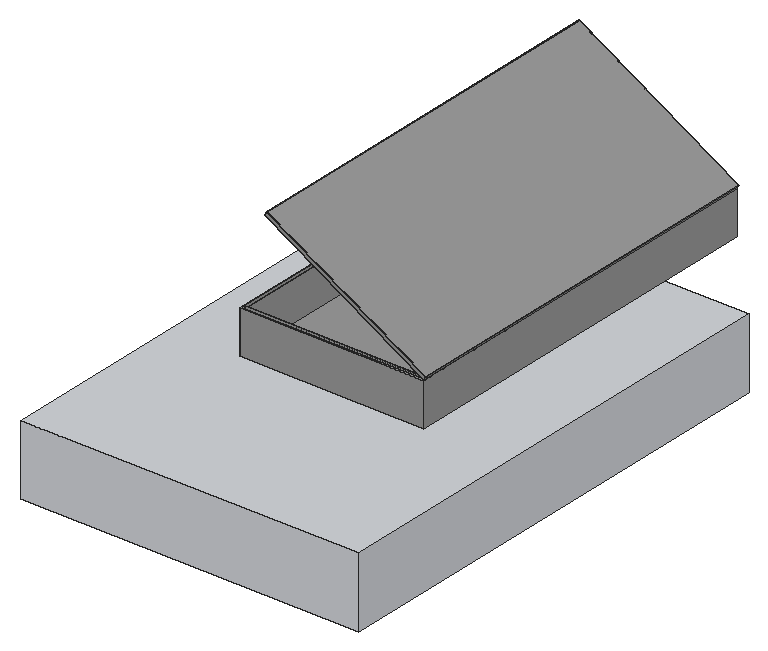
Revit family "Hager-Univers-IP54-D205-H1700-Cl.II-Encl-PT-pt", category Equipement électrique, Revit 2020
Family settings
  Hôte = Face
  Configuration du panneau = Deux colonnes, circuits au sein
  Cote de connecteur circulaire = Utiliser le diamètre
  Type d'élément = Tableau de raccordement
  Couper avec des vides une fois chargée = Non
  Partagée = Non
  Point de calcul de pièce = Non
Parameters (values of type "Montagem em superfície (gesso) IP54 L800 A1700 P205  - FP13SW2")
  Width Control [instance] = if([EF000008 - Largura] > Min Width, [EF000008 - Largura], Min Width)  # 800 mm
  Commentaires du type = [HG000003 - Gama]  # "Univers"
  Thickness Door [instance] = if([EF009171 - Espessura do material da porta/tampa] > 3 mm, 3 mm, [EF009171 - Espessura do material da porta/tampa])  # 1 mm
  Seal Frame Offset [instance] = 17 mm  # constant formula
  Plinth Visibility [instance] = [HG000027 - Altura da Plinta] > 0 mm  # no
  Model = ""
  Min Width [instance] = 100 mm  # constant formula
  Min Height [instance] = 100 mm  # constant formula
  Min Depth [instance] = (2 * [EF009170 - Espessura do material do invólucro]) + 1 mm  # 3 mm
  Internal Frame Depth [instance] = (Door System Depth * 0.5)  # 9 mm
  Height Control [instance] = if([EF000040 - Altura] > Min Height, [EF000040 - Altura], Min Height)  # 1700 mm
  HG000027 - Altura da Plinta = 0 mm
  HG000026 - Instalação no chão = no
  HG000024 - Altura da secção inferior = 800 mm
  HG000023 - Recinto de secção dupla = no
  HG000016 - Visibilidade da porta 3D [instance] = yes
  HG000015 - Visibilidade através da porta [instance] = no
  HG000014 - Porta à direita [instance] = yes
  HG000013 - Porta à esquerda [instance] = not([HG000014 - Porta à direita])  # no
  HG000012 - Ângulo de abertura de porta [instance] = 30.00°
  HG000010 - Portas assimétricas = no
  HG000009 - Porta dupla = no
  HG000006 - Encastrado = no
  HG000004 - Referência do Fabricante = "FP13SW2"
  HG000003 - Gama = "Univers"
  HG000002 - Com porta ou tampa = yes
  Frame Offset Bottom [instance] = 10 mm  # constant formula
  Frame Offset [instance] = 15 mm  # constant formula
  EF015940 - Tampa com libertação de sobrepressão = no
  EF011959 - Grau de proteção (NEMA) = ""
  EF009554 - Número de aberturas para placas de flange = 6
  Fabricant = "Hager"  # constant formula
  EF009212 - Tipo de tampa = "EV000116 - Fechado"
  EF009171 - Espessura do material da porta/tampa = 1 mm
  EF009170 - Espessura do material do invólucro = 1 mm
  EF008873 - Corrente nominal (In) = 400 A
  EF007800 - Adequado para proteção contra raios = no
  EF006306 - Com fecho = no
  EF006244 - Tampa/porta transparente = no
  EF005474 - Grau de proteção (IP) = "EV006419 - IP54"
  EF004464 - Tipo de porta = "EV002646 - Único"
  EF004427 - Número de módulos = 396
  EF004293 - Força de impacto = "EV006815 - IK09"
  EF003532 - Adequado para uso no exterior = no
  EF002950 - Largura em número de módulos = 36
  EF001613 - Integridade do circuito = "EV000494 - Nenhum"
  EF001596 - Material do corpo = "EV000179 - Aço"
  EF001131 - Profundidade interior = 143 mm
  EF001088 - Extensão possível = yes
  EF000437 - Número de entradas de condutores = 6
  EF000339 - Tipo de difusor = "EV001012 - Tampa"
  EF000266 - Número de linhas = 11
  EF000218 - Profundidade incorporada = 205 mm
  EF000118 - Com tampa de montagem = no
  EF000116 - Número RAL = "9010"
  EF000049 - Profundidade = 205 mm
  EF000040 - Altura = 1700 mm
  EF000008 - Largura = 800 mm
  EF000007 - Cor = "EV000202 - Branco"
  EF000003 - Método de montagem = "EV000384 - Montagem em superfície (gesso)"
  Door System Leaf Tolerance [instance] = 1.5 mm  # constant formula
  Door System Depth [instance] = 18 mm  # constant formula
  Door Height [instance] = Height Control - [HG000027 - Altura da Plinta]  # 1700 mm
  Depth Control [instance] = if([EF000049 - Profundidade] > Min Depth, [EF000049 - Profundidade], Min Depth)  # 205 mm
  Default Elevation = 0 mm
  Connector Offset [instance] = Height Control / 2  # 850 mm
  Bottom Top Plate Trim [instance] = 1.5 mm  # constant formula
  Plinth height Ctrl [instance] = if([HG000027 - Altura da Plinta] > 0 mm, [HG000027 - Altura da Plinta], 12 mm)  # 12 mm
Types (5, lengths in mm): name | Width Control | HG000010 - Portas assimétricas | HG000009 - Porta dupla | HG000004 - Referência do Fabricante | EF009554 - Número de aberturas para placas de flange | EF008873 - Corrente nominal (In) | EF004464 - Tipo de porta | EF004427 - Número de módulos | EF002950 - Largura em número de módulos | EF000437 - Número de entradas de condutores | EF000008 - Largura
  Montagem em superfície (gesso) IP54 L1050 A1700 P205  - FP14SW2 | 1050 | no | yes | "FP14SW2" | 8 | 400 A | "EV003602 - Duplo" | 528 | 48 | 8 | 1050
  Montagem em superfície (gesso) IP54 L1300 A1700 P205  - FP15SW2 | 1300 | yes | yes | "FP15SW2" | 10 | 400 A | "EV003602 - Duplo" | 660 | 60 | 10 | 1300
  Montagem em superfície (gesso) IP54 L300 A1700 P205  - FP11SW2 | 300 | no | no | "FP11SW2" | 2 | 250 A | "EV002646 - Único" | 132 | 12 | 2 | 300
  Montagem em superfície (gesso) IP54 L550 A1700 P205  - FP12SW2 | 550 | no | no | "FP12SW2" | 4 | 250 A | "EV002646 - Único" | 264 | 24 | 4 | 550
  Montagem em superfície (gesso) IP54 L800 A1700 P205  - FP13SW2 | 800 | no | no | "FP13SW2" | 6 | 400 A | "EV002646 - Único" | 396 | 36 | 6 | 800
Reference planes
  plane 1 "Center (Front/Back)": y = 0
  plane 2: z = 0
  plane 3 "Center (Left/Right)": x = 0
  plane 4: z = 205
  plane 5: y = 1
  plane 6: y = 850
  plane 7: y = 0
  plane 8: y = 1700
  plane 9: z = 0
  plane 10: x = -385
  plane 11: x = 385
  plane 12: x = 384
  plane 13: x = -384
  plane 14: y = 1699
  plane 15: x = -383
  plane 16: x = -400
  plane 17: x = 383
  plane 18: x = 400
  plane 19: x = 399
  plane 20: x = -399
  plane 21: y = 11
  plane 22: y = 1700
  plane 23: y = 1684
  plane 24: z = 187
  plane 25: z = 1
  plane 26: z = 186
  plane 27: z = 204
Forms (mm)
  Extrusion 1, solid
    sketch origin (0, 0, 0) x (1, 0, 0) y (0, 1, 0)
      loop
        line (-702.964, 1305) -> (-702.964, -811.445) -> (766.763, -811.445) -> (766.763, 1305) -> (-702.964, 1305)
    from 0 to -304.8
  Extrusion 2, solid, material "Hager_Steel_RAL7035_Light_Grey", visible <- "Plinth Visibility", detail levels medium+fine
    sketch origin (0, 0, 0) x (1, 0, 0) y (0, 1, 0)
      loop
        line (-400, 0) -> (400, 0) -> (400, 12) -> (-400, 12) -> (-400, 0)
    from 0 to 187
  Extrusion 3, solid, material "Hager_Steel_RAL7035_Light_Grey", detail levels medium+fine
    sketch origin (0, 0, 0) x (1, 0, 0) y (0, 1, 0)
      loop
        line (-400, 0) -> (400, 0) -> (400, 1700) -> (-400, 1700) -> (-400, 0)
    from 0 to 187
  Extrusion 4, void
    sketch origin (0, 0, 0) x (1, 0, 0) y (0, 1, 0)
      loop
        line (-399, 1) -> (399, 1) -> (399, 1699) -> (-399, 1699) -> (-399, 1)
    from 1 to 186
  Extrusion 5, void
    sketch origin (-381.607, -4572, 187) x (0, -1, 0) y (-1, 0, 0)
      loop
        line (-4583, 2.393) -> (-6256, 2.393) -> (-6256, -765.607) -> (-4583, -765.607) -> (-4583, 2.393)
    from 0 to 1 <- "EF009170 - Espessura do material do invólucro"
  Extrusion 6, solid, material "Hager_Steel_RAL7035_Light_Grey", detail levels fine
    sketch origin (0, 0, 187) x (1, 0, 0) y (0, 1, 0)
      loop
        line (-384, 1684) -> (-384, 11) -> (384, 11) -> (384, 1684) -> (-384, 1684)
      loop
        line (-385, 10) -> (385, 10) -> (385, 1685) -> (-385, 1685) -> (-385, 10)
    from 0 to 9 <- "Internal Frame Depth"
  Extrusion 7, solid, material "Hager_Steel_RAL7035_Light_Grey", detail levels coarse
    sketch origin (0, 0, 0) x (1, 0, 0) y (0, 1, 0)
      loop
        line (-400, 0) -> (400, 0) -> (400, 1700) -> (-400, 1700) -> (-400, 0)
    from 0 to 205
  Sweep 8, void
    path in 3D
      loop
        line (-400, 12, 0) -> (400, 12, 0) -> (400, 12, 187) -> (-400, 12, 187) -> (-400, 12, 0)
    profile origin (-400, 12, 93.5) x (-1, 0, 0) y (0, -1, 0)
      loop
        line (0, 0) -> (0, 1.5) -> (-1.5, 1.5)
        arc (-1.5, 1.5) -> (-1.061, 0.439) -> (0, 0) r 1.5
Cuts and joins
  Extrusion 4, Extrusion 5 cuts Extrusion 3
  Sweep 8 cuts Extrusion 2
Lines and regions (mm)
  Masking region 1
    outline origin (0, 0, 0) x (1, 0, 0) y (0, 0, 1)
      loop
        line (-400, 205) -> (-400, 0) -> (400, 0) -> (400, 205) -> (-400, 205)
  Masking region 2, detail levels medium+fine
    outline origin (0, 140, 0) x (0, 1, 0) y (0, 0, 1)
      loop
        line (-140, 0) -> (1560, 0) -> (1560, 187) -> (-140, 187) -> (-140, 0)
  Masking region 3, not visible, detail levels medium+fine
    outline origin (0, 297.922, 0) x (0, 1, 0) y (0, 0, 1)
      loop
        line (563.578, 0) -> (603.578, 0) -> (603.578, 194)
        arc (603.578, 194) -> (600.649, 201.071) -> (593.578, 204) r 10
        line (593.578, 204) -> (563.578, 204) -> (563.578, 0)
  Masking region 4, detail levels coarse
    outline origin (0, 0, 180) x (0, 1, 0) y (0, 0, 1)
      loop
        line (0, -180) -> (1700, -180) -> (1700, 25) -> (0, 25) -> (0, -180)
  Masking region 5, visible <- "Plinth Visibility", detail levels medium+fine
    outline origin (0, 52.24, 12.345) x (0, 0, -1) y (0, 1, 0)
      loop
        line (10.845, -40.24) -> (-173.155, -40.24)
        arc (-173.155, -40.24) -> (-173.594, -41.301) -> (-174.655, -41.74) r 1.5
        line (-174.655, -41.74) -> (-174.655, -52.24) -> (12.345, -52.24) -> (12.345, -41.74)
        arc (12.345, -41.74) -> (11.285, -41.301) -> (10.845, -40.24) r 1.5
  Masking region 6, detail levels medium+fine
    outline origin (-381.607, -4572, 187) x (-1, 0, 0) y (0, -1, 0)
      loop
        line (18.393, -6272) -> (18.393, -4572) -> (-781.607, -4572) -> (-781.607, -6272) -> (18.393, -6272)
  Masking region 7, visible <- "Plinth Visibility", detail levels medium+fine
    outline origin (-381.607, -4727, 187) x (-1, 0, 0) y (0, -1, 0)
      loop
        arc (16.893, -4739) -> (17.332, -4737.939) -> (18.393, -4737.5) r 1.5
        line (18.393, -4737.5) -> (18.393, -4727) -> (-781.607, -4727) -> (-781.607, -4737.5)
        arc (-781.607, -4737.5) -> (-780.546, -4737.939) -> (-780.107, -4739) r 1.5
        line (-780.107, -4739) -> (16.893, -4739)
  Masking region 8, detail levels coarse
    outline origin (-442.548, -4669.526, 187) x (-1, 0, 0) y (0, -1, 0)
      loop
        line (-42.548, -6369.526) -> (-42.548, -4669.526) -> (-842.548, -4669.526) -> (-842.548, -6369.526) -> (-42.548, -6369.526)
  sketch lines
    curve 1: line (-400, 12, 187) -> (-400, 12, 0)
    curve 2: line (400, 12, 187) -> (-400, 12, 187)
    curve 3: line (400, 12, 187) -> (400, 12, 0)
    curve 4: line (-400, 12, 0) -> (400, 12, 0)
Dimensions and locks
  "Depth Control": plane 4 to Extrusion 1
  "HG000027 - Altura da Plinta": plane 1 "Center (Front/Back)" to plane 7
  "EF009170 - Espessura do material do invólucro": plane 5 to plane 7
  locked: connector elem to plane 3 "Center (Left/Right)"
  equal spacing: plane 8, plane 6, plane 7
  locked: connector elem to plane 6
  "EF009170 - Espessura do material do invólucro": plane 8 to plane 14
  "EF009170 - Espessura do material do invólucro": plane 10 to plane 13
  "EF009170 - Espessura do material do invólucro": plane 12 to plane 11
  "Frame Offset": plane 20 to plane 13
  "Frame Offset": plane 12 to plane 19
  "EF009170 - Espessura do material do invólucro": plane 16 to plane 20
  "EF009170 - Espessura do material do invólucro": plane 19 to plane 18
  "Seal Frame Offset": plane 16 to plane 15
  "Seal Frame Offset": plane 17 to plane 18
  "Frame Offset Bottom": plane 21 to plane 5
  "Frame Offset": plane 14 to plane 23
  equal spacing: plane 16, plane 3 "Center (Left/Right)", plane 18
  "Width Control": plane 16 to plane 18
  "EF009170 - Espessura do material do invólucro": plane 4 to plane 27
  "EF009170 - Espessura do material do invólucro": plane 24 to plane 26
  "EF009170 - Espessura do material do invólucro": plane 25 to level
  "Door System Depth": plane 4 to plane 24
  "Height Control": plane 1 "Center (Front/Back)" to Extrusion 7 sketch curve
  "Height Control": Masking region 4 sketch curve to plane 1 "Center (Front/Back)"
  "Height Control": plane 1 "Center (Front/Back)" to plane 22
  "Bottom Top Plate Trim": profile plane to Sweep 8 sketch curve
  "Bottom Top Plate Trim": Sweep 8 sketch curve to profile plane
  "Plinth height Ctrl": plane 1 "Center (Front/Back)" to Extrusion 2 sketch curve
  "Plinth height Ctrl": Masking region 5 sketch curve to plane 1 "Center (Front/Back)"
  "Plinth height Ctrl": plane 1 "Center (Front/Back)" to Masking region 7 sketch curve
  "Thickness Door": Extrusion 6 sketch curve to Extrusion 6 sketch curve  (x3)
  "Thickness Door": cut or joined group of Extrusion 3, Extrusion 4, Extrusion 5 to Extrusion 6 sketch curve
  radius of Masking region 3 sketch curve = 10 mm
  "Bottom Top Plate Trim": radius of Masking region 5 sketch curve  (x2)
  "Bottom Top Plate Trim": radius of Sweep 8 sketch curve
  "Bottom Top Plate Trim": radius of Masking region 7 sketch curve  (x2)
  aligned and locked: plane 2 to Extrusion 1
  aligned and locked: level to Extrusion 1
  aligned and locked: level to Masking region 1 sketch curve
  aligned and locked: Masking region 1 sketch curve to plane 18
  aligned and locked: Masking region 1 sketch curve to plane 16
  aligned and locked: plane 7 to Masking region 2 sketch curve
  aligned and locked: level to Masking region 3 sketch curve
  aligned and locked: Masking region 3 sketch curve to plane 27
  aligned and locked: level to Masking region 2 sketch curve
  aligned and locked: plane 1 "Center (Front/Back)" to Extrusion 2 sketch curve
  aligned and locked: Extrusion 3 sketch curve to plane 7
  aligned and locked: plane 16 to Extrusion 3 sketch curve
  aligned and locked: plane 18 to Extrusion 3 sketch curve
  aligned and locked: plane 20 to Extrusion 4 sketch curve
  aligned and locked: plane 19 to Extrusion 4 sketch curve
  aligned and locked: Extrusion 4 sketch curve to plane 5
  aligned and locked: Extrusion 4 to plane 25
  aligned and locked: plane 26 to Extrusion 4
  aligned and locked: plane 24 to Extrusion 3
  aligned and locked: Extrusion 5 sketch curve to plane 21
  aligned and locked: Extrusion 5 sketch curve to plane 13
  aligned and locked: Extrusion 5 sketch curve to plane 12
  aligned and locked: plane 18 to Extrusion 7 sketch curve
  aligned and locked: plane 1 "Center (Front/Back)" to Extrusion 7 sketch curve
  aligned and locked: plane 16 to Extrusion 7 sketch curve
  aligned and locked: plane 4 to Extrusion 7
  aligned and locked: Extrusion 7 to level
  aligned and locked: level to Masking region 4 sketch curve
  aligned and locked: Masking region 4 sketch curve to plane 1 "Center (Front/Back)"
  aligned and locked: Masking region 4 sketch curve to plane 4
  aligned and locked: nested 1 to level
  aligned and locked: nested 1 to plane 16
  aligned and locked: plane 8 to Extrusion 3 sketch curve
  aligned and locked: plane 23 to Extrusion 5 sketch curve
  aligned and locked: plane 14 to Extrusion 4 sketch curve
  aligned and locked: Masking region 2 sketch curve to plane 8
  aligned and locked: level to Masking region 5 sketch curve
  aligned and locked: plane 16 to Extrusion 2 sketch curve
  aligned and locked: plane 18 to Extrusion 2 sketch curve
  aligned and locked: Masking region 5 sketch curve to plane 24
  aligned and locked: Masking region 2 sketch curve to plane 24
  aligned and locked: plane 24 to Extrusion 2
  aligned and locked: profile plane to Sweep 8 sketch curve  (x2)
  aligned and locked: Masking region 6 sketch curve to plane 18
  aligned and locked: Masking region 6 sketch curve to plane 22
  aligned and locked: Masking region 6 sketch curve to plane 16
  aligned and locked: plane 8 to plane 22
  aligned and locked: Masking region 6 sketch curve to plane 7
  aligned and locked: Masking region 7 sketch curve to plane 16
  aligned and locked: Masking region 7 sketch curve to plane 1 "Center (Front/Back)"
  aligned and locked: Masking region 7 sketch curve to plane 18
  aligned and locked: Masking region 8 sketch curve to plane 1 "Center (Front/Back)"
  aligned and locked: Masking region 8 sketch curve to plane 18
  aligned and locked: Masking region 8 sketch curve to plane 22
  aligned and locked: Masking region 8 sketch curve to plane 16
  aligned and locked: nested 2 to plane 7
  aligned and locked: plane 3 "Center (Left/Right)" to nested 2
  aligned and locked: nested 2 to plane 24
  aligned and locked: Extrusion 6 sketch curve to cut or joined group of Extrusion 3, Extrusion 4, Extrusion 5  (x4)
Automatic sketch dimensions
  Extrusion 1 sketch curve to Extrusion 1 sketch curve = 1469.727 mm
  Extrusion 1 sketch curve to Extrusion 1 sketch curve = 2116.445 mm
  Masking region 1 sketch curve to plane 4 = 0 mm
  plane 6 to Masking region 3 sketch curve = 11.5 mm
  Masking region 3 sketch curve to Masking region 3 sketch curve = 30 mm
  Masking region 5 sketch curve to plane 1 "Center (Front/Back)" = 0 mm
Nested families
  nested 1: "Hager_Enclosure_Symbol" at (-400, 0, 0) x (1, 0, 0) z (0, -1, 0), Height <- "Depth Control", Width <- "Width Control", type "Hager_Enclosure_Symbol"
    with Width_Ctrl 800 mm, Width 800 mm, Height_Ctrl 205 mm, Height 205 mm, A_Width_Int 13.453 mm, A_Width 161.438 mm, A_Height_Ctrl 179.375 mm, A_Height 179.375 mm
  nested 2: "EC000058_Univers_Door" at (0, 0, 187) x (1, 0, 0) z (0, 1, 0), Leaf_Tolerance <- "Door System Leaf Tolerance", Angle <- "HG000012 - Ângulo de abertura de porta", Door_Depth <- "Door System Depth", Door_Left <- "HG000013 - Porta à esquerda", Transparent <- "EF006244 - Tampa/porta transparente", Assymetrical <- "HG000010 - Portas assimétricas", Width <- "Width Control", Clearance <- "HG000015 - Visibilidade através da porta", Double <- "HG000009 - Porta dupla", 3d_Door <- "HG000016 - Visibilidade da porta 3D", Lock_Visibility <- "EF006306 - Com fecho", Width_Ctrl <- "Width Control", Door_Right <- "HG000014 - Porta à direita", Door <- "HG000002 - Com porta ou tampa", Height <- "Door Height", Thickness <- "Thickness Door", type "EC000058_Univers_Door", detail levels medium+fine
    with min_wh 3 mm, Width_Ctrl 800 mm, Width 800 mm, Transparent no, Thickness 1 mm, Seal_Material Hager_Rubber, Lock_Visibility no, Lock_Material Hager_Plastic_RAL9005_Jet_Black, Leaf_Width 800 mm, Leaf_Tolerance_External_Sides 0 mm, Leaf_Tolerance 1.5 mm, Leaf_Offset 0 mm, Leaf_Height 1697 mm, Leaf_2_Width 800 mm, Leaf_2_Offset 400 mm, Leaf_1_Width 800 mm, Leaf_1_Offset 400 mm, Height_Ctrl 1700 mm, Height 1700 mm, Glass_Material Hager_Glass, Double_Clearance_Ctrl no, Double no, Door_Right_Ctrl yes, Door_Right yes, Door_Material Hager_Steel_RAL7035_Light_Grey, Door_Left_Ctrl no, Door_Left no, Door_Depth 18 mm, Door yes, Clearance_Material Hager_Clearance, Clearance_Depth 800 mm, Clearance_Ctrl no, Clearance no, Assymetrical no, Angle 30.00°, 3d_Door yes
Connectors
  electrical at (0, 850, 0)
    settings: on plane 9, index 1, voltage 0 V, apparent load 0 VA, apparent load phase1 0 VA, apparent load phase2 0 VA, apparent load phase3 0 VA, power factor 1, load classification "Other", number of poles 1, system type 30, power factor state 1, is connector primary yes, connector utility no, sub classification motor no, connector description ""
Definition of nested family "EC000058_Univers_Door"
  Parameters (values of type "EC000058_Univers_Door")
    min_wh [instance] = (2 * Thickness) + 1 mm  # 11 mm
    Width_Ctrl [instance] = 400 mm
    Width [instance] = 500 mm
    Transparent [instance] = yes
    Thickness [instance] = 5 mm
    Seal_Material [instance] = none
    Lock_Visibility [instance] = yes
    Lock_Material [instance] = none
    Leaf_Width [instance] = if((Width_Ctrl - 2 * Leaf_Tolerance_External_Sides) > 0 mm, (Width_Ctrl - 2 * Leaf_Tolerance_External_Sides), min_wh)  # 400 mm
    Leaf_Tolerance_External_Sides [instance] = 0 mm  # constant formula
    Leaf_Tolerance [instance] = 1.5 mm
    Leaf_Offset [instance] = 0 mm  # constant formula
    Leaf_Height [instance] = if((Height_Ctrl - 2 * Leaf_Tolerance) > 0 mm, (Height_Ctrl - 2 * Leaf_Tolerance), min_wh)  # 497 mm
    Leaf_2_Width [instance] = if(and(and(Double, Assymetrical), Door_Left), (Leaf_Width / 3) - (Leaf_Tolerance / 2), if(and(and(Double, Assymetrical), Door_Right), (Leaf_Width / 3) * 2 - (Leaf_Tolerance / 2), if(and(Double, not(Assymetrical)), (Leaf_Width / 2) - Leaf_Tolerance, Leaf_Width)))  # 400 mm
    Leaf_2_Offset [instance] = if(and(Double, Assymetrical), Leaf_2_Width / 2, if(and(Double, not(Assymetrical)), Leaf_Width / 4, Leaf_Width / 2))  # 200 mm
    Leaf_1_Width [instance] = if(and(and(Double, Assymetrical), Door_Right), (Leaf_Width / 3) - (Leaf_Tolerance / 2), if(and(and(Double, Assymetrical), Door_Left), (Width / 3) * 2 - (Leaf_Tolerance / 2), if(and(Double, not(Assymetrical)), (Leaf_Width / 2) - Leaf_Tolerance, Leaf_Width)))  # 400 mm
    Leaf_1_Offset [instance] = if(and(Double, Assymetrical), Leaf_1_Width / 2, if(and(Double, not(Assymetrical)), Leaf_Width / 4, Leaf_Width / 2))  # 200 mm
    Height_Ctrl [instance] = if(Height > min_wh, Height, min_wh)  # 500 mm
    Height [instance] = 500 mm
    Glass_Material [instance] = none
    Double_Clearance_Ctrl [instance] = and(Double, Clearance)  # no
    Double [instance] = no
    Door_Right_Ctrl [instance] = and(or(Door_Right, Double), Door)  # yes
    Door_Right [instance] = yes
    Door_Material [instance] = none
    Door_Left_Ctrl [instance] = and(or(Door_Left, Double), Door)  # no
    Door_Left [instance] = no
    Door_Depth [instance] = 30 mm
    Door [instance] = yes
    Default Elevation = 1219.2 mm
    Clearance_Material [instance] = none
    Clearance_Depth [instance] = if(Leaf_1_Width > Leaf_2_Width, Leaf_1_Width, Leaf_2_Width)  # 400 mm
    Clearance_Ctrl [instance] = and(not(Double), Clearance)  # yes
    Clearance [instance] = yes
    Assymetrical [instance] = yes
    Angle [instance] = 30.00°
    3d_Door [instance] = yes
  Reference planes
    plane 1 "Center (Front/Back)": y = 0
    plane 2 "Bottom": z = 0
    plane 3 "Center (Left/Right)": x = 0
    plane 4: z = 500
    plane 5: x = -200
    plane 6: x = 200
    plane 7: z = 500
    plane 8: x = -200
    plane 9: z = 0
    plane 10: x = 200
    plane 11: y = 0
    plane 12: z = 1.5
    plane 13: x = -600
    plane 14: y = -400
    plane 15: x = 600
    plane 16: x = 0
    plane 17: x = 0
    plane 18: x = -200
    plane 19: x = 200
    plane 20: z = 498.5
  Forms (mm)
    Extrusion 1, solid, material <- "Clearance_Material", visible <- "Double_Clearance_Ctrl"
      sketch origin (1200, 0, 0) x (1, 0, 0) y (0, 0, -1)
        loop
          line (-1800, -498.5) -> (-600, -498.5) -> (-600, 0) -> (-1800, 0) -> (-1800, -498.5)
      from 0 to -400
  Dimensions and locks
    equal spacing: plane 5, plane 3 "Center (Left/Right)", plane 6
    "Width_Ctrl": plane 5 to plane 6
    "Leaf_Offset": plane 5 to plane 8
    "Leaf_Offset": plane 6 to plane 10
    "Leaf_Offset": plane 9 to level
    "Leaf_Offset": plane 4 to plane 7
    "Height_Ctrl": plane 4 to level
    "Leaf_Tolerance": plane 12 to plane 9
    locked: plane 11 to plane 1 "Center (Front/Back)"
    "Leaf_1_Offset": plane 18 to plane 16
    "Leaf_2_Offset": plane 17 to plane 19
    "Leaf_1_Width": plane 13 to plane 8
    "Leaf_2_Width": plane 10 to plane 15
    "Clearance_Depth": plane 14 to plane 1 "Center (Front/Back)"
    "Leaf_Tolerance_External_Sides": plane 8 to plane 18
    "Leaf_Tolerance_External_Sides": plane 19 to plane 10
    "Leaf_Tolerance": plane 7 to plane 20
    aligned and locked: level to plane 2 "Bottom"
    aligned and locked: nested 1 to plane 16
    aligned and locked: nested 2 to plane 17
    aligned and locked: Extrusion 1 to plane 13
    aligned and locked: plane 15 to Extrusion 1
    aligned and locked: Extrusion 1 to plane 14
    aligned and locked: plane 12 to nested 1
    aligned and locked: nested 2 to plane 12
    aligned and locked: Extrusion 1 to plane 11
    aligned and locked: plane 20 to Extrusion 1
    aligned and locked: nested 2 to plane 11
    aligned and locked: nested 1 to plane 11
  Automatic sketch dimensions
    Extrusion 1 sketch curve to level = 0 mm
    plane 5 to Extrusion 1 sketch curve = 400 mm
    plane 6 to Extrusion 1 sketch curve = 400 mm
    Extrusion 1 sketch curve to plane 4 = 1.5 mm
  Nested families
    nested 1: "EC000058_Univers_Door_Leaf" at (0, 0, 1.5), Width <- "Leaf_1_Width", visible <- "Door_Left_Ctrl", Leaf_Height <- "Leaf_Height", Angle <- "Angle", 3d_Door <- "3d_Door", Transparent <- "Transparent", Clearance Material <- "Clearance_Material", Clearance <- "Clearance_Ctrl", Door_Material <- "Door_Material", Glass_Material <- "Glass_Material", Door_Depth <- "Door_Depth", Lock_Material <- "Lock_Material", Seal_Material <- "Seal_Material", Lock_Visibility <- "Lock_Visibility", Thickness <- "Thickness", type "EC000058_Univers_Door_Leaf"
      with Width 400 mm, Transparent_Glass_Offset 30 mm, Transparent_Ctrl yes, Transparent yes, Thickness 5 mm, Standard no, Seal_Material none, Seal_D2 8 mm, Seal_D1 1 mm, Offset_Internal_Frame 10 mm, Lock_Width 20 mm, Lock_Visibility_3d yes, Lock_Visibility yes, Lock_Thickness_3 3 mm, Lock_Thickness_2 1 mm, Lock_Thickness_1 3 mm, Lock_Radius_Offset_2 16 mm, Lock_Radius_Offset_1 15 mm, Lock_Radius_2 5 mm, Lock_Radius 6 mm, Lock_Offset 5 mm, Lock_Material none, Lock_Height 80 mm, Lock_Cover_Top_Offset_2d 17 mm, Lock_Cover_Height -65 mm, Leaf_Height 497 mm, Internal_Seal_Thickness 8 mm, Internal_Seal_Depth_2 4.5 mm, Internal_Frame_Depth 25 mm, Glass_Thickness -1 mm, Glass_Offset -2 mm, Glass_Material none, Door_Material none, Door_Depth 30 mm, Clearance Material none, Clearance yes, Angle_Ctrl 30.00°, Angle 30.00°, 3d_Door yes
    nested 2: "EC000058_Univers_Door_Leaf" at (0, 0, 1.5) x (-1, 0, 0) z (0, 0, 1), Width <- "Leaf_2_Width", visible <- "Door_Right_Ctrl", Leaf_Height <- "Leaf_Height", Angle <- "Angle", 3d_Door <- "3d_Door", Transparent <- "Transparent", Clearance Material <- "Clearance_Material", Clearance <- "Clearance_Ctrl", Door_Material <- "Door_Material", Glass_Material <- "Glass_Material", Door_Depth <- "Door_Depth", Lock_Material <- "Lock_Material", Seal_Material <- "Seal_Material", Lock_Visibility <- "Lock_Visibility", Thickness <- "Thickness", type "EC000058_Univers_Door_Leaf"
      with Width 400 mm, Transparent_Glass_Offset 30 mm, Transparent_Ctrl yes, Transparent yes, Thickness 5 mm, Standard no, Seal_Material none, Seal_D2 8 mm, Seal_D1 1 mm, Offset_Internal_Frame 10 mm, Lock_Width 20 mm, Lock_Visibility_3d yes, Lock_Visibility yes, Lock_Thickness_3 3 mm, Lock_Thickness_2 1 mm, Lock_Thickness_1 3 mm, Lock_Radius_Offset_2 16 mm, Lock_Radius_Offset_1 15 mm, Lock_Radius_2 5 mm, Lock_Radius 6 mm, Lock_Offset 5 mm, Lock_Material none, Lock_Height 80 mm, Lock_Cover_Top_Offset_2d 17 mm, Lock_Cover_Height -65 mm, Leaf_Height 497 mm, Internal_Seal_Thickness 8 mm, Internal_Seal_Depth_2 4.5 mm, Internal_Frame_Depth 25 mm, Glass_Thickness -1 mm, Glass_Offset -2 mm, Glass_Material none, Door_Material none, Door_Depth 30 mm, Clearance Material none, Clearance yes, Angle_Ctrl 30.00°, Angle 30.00°, 3d_Door yes
  Definition of nested family "EC000058_Univers_Door_Leaf"
    Parameters (values of type "EC000058_Univers_Door_Leaf")
      Width [instance] = 2000 mm
      Transparent_Glass_Offset [instance] = 30 mm
      Transparent_Ctrl [instance] = and(Transparent, [3d_Door])  # yes
      Transparent [instance] = yes
      Thickness [instance] = 5 mm
      Standard [instance] = and(not(Transparent), [3d_Door])  # no
      Seal_Material [instance] = none
      Seal_D2 [instance] = 8 mm  # constant formula
      Seal_D1 [instance] = 1 mm  # constant formula
      Offset_Internal_Frame [instance] = 10 mm  # constant formula
      Lock_Width [instance] = 20 mm  # constant formula
      Lock_Visibility_3d [instance] = and(Lock_Visibility, [3d_Door])  # yes
      Lock_Visibility [instance] = yes
      Lock_Thickness_3 [instance] = 3 mm  # constant formula
      Lock_Thickness_2 [instance] = 1 mm  # constant formula
      Lock_Thickness_1 [instance] = 3 mm  # constant formula
      Lock_Radius_Offset_2 [instance] = Lock_Radius_Offset_1 + 1 mm  # 16 mm
      Lock_Radius_Offset_1 [instance] = 15 mm  # constant formula
      Lock_Radius_2 [instance] = Lock_Radius - 1 mm  # 5 mm
      Lock_Radius [instance] = 6 mm  # constant formula
      Lock_Offset [instance] = 5 mm  # constant formula
      Lock_Material [instance] = none
      Lock_Height [instance] = 80 mm  # constant formula
      Lock_Cover_Top_Offset_2d [instance] = Lock_Radius_Offset_2 + 1 mm  # 17 mm
      Lock_Cover_Height [instance] = -(Lock_Height - Lock_Radius_Offset_1)  # -65 mm
      Leaf_Height [instance] = 2720.336 mm
      Internal_Seal_Thickness [instance] = 8 mm  # constant formula
      Internal_Seal_Depth_2 [instance] = 4.5 mm  # constant formula
      Internal_Frame_Depth [instance] = if(Door_Depth - Thickness > 5 mm, Door_Depth - Thickness, 5 mm)  # 25 mm
      Glass_Thickness [instance] = if(Thickness > 15 mm, Glass_Offset + 10 mm, -1 mm)  # -1 mm
      Glass_Offset [instance] = if(Thickness > 15 mm, -(Thickness + 10 mm) / 2, -2 mm)  # -2 mm
      Glass_Material [instance] = none
      Door_Material [instance] = none
      Door_Depth [instance] = 30 mm
      Default Elevation = 0 mm
      Clearance Material [instance] = none
      Clearance [instance] = yes
      Angle_Ctrl [instance] = if(Angle > 180.00°, 180.00°, Angle)  # 90.00°
      Angle [instance] = 90.00°
      3d_Door [instance] = yes
    Reference planes
      plane 1 "Center (Front/Back)": y = 0
      plane 2: z = 0
      plane 3 "Center (Left/Right)": x = 0
      plane 4: y = 2000
      plane 5: x = -1000
      plane 6: x = 1000
      plane 7: x = -3000
      plane 8: z = 2720.336
      plane 9: z = 30
      plane 10: z = 2690.336
      plane 11: x = 970
      plane 12: x = -970
      plane 13: y = -3
      plane 14: z = 107.833
      plane 15: y = -5
      plane 16: y = -223.314
      plane 17: x = -1000
      plane 18: z = 1360.168
      plane 19: y = 30
    Forms (mm)
      Extrusion 1, solid, material <- "Clearance Material", visible <- "Clearance"
        sketch origin (0, 0, 0) x (1, 0, 0) y (0, 0, 1)
          loop
            line (-3000, 2720.336) -> (-3000, 0) -> (1000, 0) -> (1000, 2720.336) -> (-3000, 2720.336)
        from 0 to -2000
      Extrusion 2, solid, material <- "Door_Material", visible <- "Standard", detail levels medium+fine
        sketch origin (-1000, 0, 0) x (0, 1, 0) y (-1, 0, 0)
          loop
            line (0, 30) -> (0, 25) -> (2000, 25) -> (2000, 30) -> (0, 30)
        from 0 to 2720.336 <- "Leaf_Height"
      Extrusion 3, solid, material <- "Door_Material", visible <- "Transparent_Ctrl", detail levels medium+fine
        sketch origin (-1000, 0, 0) x (0, 1, 0) y (-1, 0, 0)
          loop
            line (0, 25) -> (2000, 25) -> (2000, 30) -> (0, 30) -> (0, 25)
        from 0 to 2720.336 <- "Leaf_Height"
      Extrusion 4, void
        sketch origin (-1025, 2000, 0) x (0, 1, 0) y (0, 0, -1)
          loop
            line (-30, -2690.336) -> (-30, -30) -> (-1970, -30) -> (-1970, -2690.336) -> (-30, -2690.336)
        from 0 to 5 <- "Thickness"
      Sweep 5, solid, material <- "Seal_Material", visible <- "Transparent_Ctrl", detail levels fine
        path in 3D
          loop
            line (-1025, 30, 30) -> (-1025, 30, 2690.336) -> (-1025, 1970, 2690.336) -> (-1025, 1970, 30) -> (-1025, 30, 30)
        profile origin (-1025, 1000, 30) x (1, 0, 0) y (0, 0, 1)
          loop
            line (0, 0) -> (0, -8) -> (1, -8) -> (1, 0) -> (0, 0)
      Extrusion 6, solid, material <- "Glass_Material", visible <- "Transparent_Ctrl", detail levels medium+fine
        sketch origin (-1030, 0, 0) x (0, 1, 0) y (0, 0, -1)
          loop
            line (1970, -2690.336) -> (1970, -30) -> (30, -30) -> (30, -2690.336) -> (1970, -2690.336)
        from -2 <- "Glass_Offset" to -1 <- "Glass_Thickness"
      Extrusion 7, solid, material <- "Door_Material", visible <- "3d_Door", detail levels medium+fine
        sketch origin (-1025, 2000, 0) x (0, -1, 0) y (0, 0, -1)
          loop
            line (0, -2720.336) -> (2000, -2720.336) -> (2000, 0) -> (0, 0) -> (0, -2720.336)
          loop
            line (1995, -5) -> (5, -5) -> (5, -2715.336) -> (1995, -2715.336) -> (1995, -5)
        from 0 to 25 <- "Internal_Frame_Depth"
      Sweep 8, solid, material <- "Seal_Material", visible <- "Transparent_Ctrl", detail levels fine
        path in 3D
          loop
            line (-1025, 0, 0) -> (-1025, 2000, 0) -> (-1025, 2000, 2720.336) -> (-1025, 0, 2720.336) -> (-1025, 0, 0)
        profile origin (-1025, 0, 1360.168) x (1, 0, 0) y (0, 1, 0)
          loop
            line (0, 10) -> (2.975, 10)
            arc (2.975, 10) -> (4.053, 10.447) -> (4.5, 11.525) r 1.525
            line (4.5, 11.525) -> (4.5, 16.527)
            arc (4.5, 16.527) -> (4.069, 17.569) -> (3.027, 18) r 1.473
            line (3.027, 18) -> (0, 18) -> (0, 10)
      Extrusion 9, solid, material <- "Lock_Material", visible <- "Lock_Visibility_3d", detail levels fine
        sketch origin (-1030, 0, 0) x (0, 1, 0) y (0, 0, -1)
          loop
            arc (1993.5, -1400.168) -> (1994.561, -1399.729) -> (1995, -1398.668) r 1.5
            line (1995, -1398.668) -> (1995, -1320.168) -> (1975, -1320.168) -> (1975, -1398.668)
            arc (1975, -1398.668) -> (1975.439, -1399.729) -> (1976.5, -1400.168) r 1.5
            line (1976.5, -1400.168) -> (1993.5, -1400.168)
        from 3 <- "Lock_Thickness_1" to 0
      Blend 10, solid, material <- "Lock_Material", visible <- "Lock_Visibility_3d", detail levels fine
        base sketch origin (-1033, 0, 0) x (0, 1, 0) y (0, 0, -1)
          loop
            line (1975, -1320.168) -> (1975, -1398.668)
            arc (1975, -1398.668) -> (1975.439, -1399.729) -> (1976.5, -1400.168) r 1.5
            line (1976.5, -1400.168) -> (1993.5, -1400.168)
            arc (1993.5, -1400.168) -> (1994.561, -1399.729) -> (1995, -1398.668) r 1.5
            line (1995, -1398.668) -> (1995, -1320.168) -> (1975, -1320.168)
        top sketch origin (-1033, 0, 0) x (0, 1, 0) y (0, 0, -1)
          loop
            line (1976, -1320.168) -> (1976, -1398.668)
            arc (1976, -1398.668) -> (1976.146, -1399.022) -> (1976.5, -1399.168) r 0.5
            line (1976.5, -1399.168) -> (1993.5, -1399.168)
            arc (1993.5, -1399.168) -> (1993.854, -1399.022) -> (1994, -1398.668) r 0.5
            line (1994, -1398.668) -> (1994, -1320.168) -> (1976, -1320.168)
        from 0 to 1 <- "Lock_Thickness_2"
      Blend 11, solid, material <- "Lock_Material", visible <- "Lock_Visibility_3d", detail levels fine
        base sketch origin (-1034, 0, 0) x (0, 1, 0) y (0, 0, -1)
          loop
            line (1978, -1320.168) -> (1978, -1384.168)
            arc (1978, -1384.168) -> (1985, -1391.168) -> (1992, -1384.168) r 7
            line (1992, -1384.168) -> (1992, -1320.168) -> (1978, -1320.168)
        top sketch origin (-1034, 0, 0) x (0, 1, 0) y (0, 0, -1)
          loop
            line (1991, -1320.168) -> (1979, -1320.168) -> (1979, -1383.168)
            arc (1979, -1383.168) -> (1985, -1389.168) -> (1991, -1383.168) r 6
            line (1991, -1383.168) -> (1991, -1320.168)
        from 0 to 3 <- "Lock_Thickness_3"
      Extrusion 12, solid, material <- "Lock_Material", visible <- "Lock_Visibility_3d", detail levels fine
        sketch origin (-1030, 1975, 1320.168) x (1, 0, 0) y (0, -1, 0)
          loop
            line (-7, -19) -> (-7, -1) -> (0, -1) -> (0, 0) -> (-8, 0) -> (-8, -20) -> (0, -20) -> (0, -19) -> (-7, -19)
        from 0 to -65 <- "Lock_Cover_Height"
      Extrusion 13, void
        sketch origin (-1038, 1995, 1320.168) x (-1, 0, 0) y (0, 0, -1)
          loop
            line (-5, -65) -> (0, -65) -> (-5, -60) -> (-5, -65)
        from 0 to 20 <- "Lock_Width"
      Extrusion 14, void
        sketch origin (-1038, 1975, 1320.168) x (0, -1, 0) y (0, 0, -1)
          loop
            circle (-10, -15.995) r 6
          loop
            circle (-10, -15.995) r 5
        from 0 to 2
      Extrusion 15, solid, material <- "Lock_Material", visible <- "Lock_Visibility_3d", detail levels medium
        sketch origin (-1030, 0, 0) x (0, 1, 0) y (0, 0, -1)
          loop
            arc (1993.5, -1400.168) -> (1994.561, -1399.729) -> (1995, -1398.668) r 1.5
            line (1995, -1398.668) -> (1995, -1320.168) -> (1975, -1320.168) -> (1975, -1398.668)
            arc (1975, -1398.668) -> (1975.439, -1399.729) -> (1976.5, -1400.168) r 1.5
            line (1976.5, -1400.168) -> (1993.5, -1400.168)
        from 8 to 0
    Cuts and joins
      Extrusion 4 cuts Extrusion 3
      Extrusion 13, Extrusion 14 cuts Extrusion 9
      Extrusion 14 cuts Blend 11
      Extrusion 13, Extrusion 14 cuts Extrusion 12
      joined: Extrusion 9, Blend 10, Blend 11, Extrusion 12
      Extrusion 14 cuts Extrusion 15
    Lines and regions (mm)
      Masking region 1, visible <- "Lock_Visibility", detail levels fine
        outline origin (0, 0, 0) x (0, 1, 0) y (0, 0, 1)
          loop
            line (30, 1320.168) -> (33, 1320.168) -> (33, 1400.168) -> (30, 1400.168) -> (30, 1320.168)
      Masking region 2, visible <- "Lock_Visibility", detail levels fine
        outline origin (0, 3.143, 0) x (0, 1, 0) y (0, 0, 1)
          loop
            line (29.857, 1354.168) -> (30.857, 1354.168) -> (30.857, 1366.168) -> (29.857, 1366.168) -> (29.857, 1354.168)
      Masking region 3, detail levels medium+fine
        outline origin (0, 0, 0) x (0, 1, 0) y (0, 0, 1)
          loop
            line (0, 0) -> (30, 0) -> (30, 2720.336) -> (0, 2720.336) -> (0, 0)
      Masking region 4, detail levels medium+fine
        outline origin (0, 0, 0) x (1, 0, 0) y (0, 0, 1)
          loop
            line (-1000, 2720.336) -> (-1000, 0) -> (1000, 0) -> (1000, 2720.336) -> (-1000, 2720.336)
      Masking region 5, visible <- "Lock_Visibility", detail levels fine
        outline origin (-47.116, 0, 0) x (1, 0, 0) y (0, 0, 1)
          loop
            arc (1024.616, 1399.168) -> (1023.556, 1398.729) -> (1023.116, 1397.668) r 1.5
            line (1023.116, 1397.668) -> (1023.116, 1320.168) -> (1041.116, 1320.168) -> (1041.116, 1397.668)
            arc (1041.116, 1397.668) -> (1040.677, 1398.729) -> (1039.616, 1399.168) r 1.5
            line (1039.616, 1399.168) -> (1024.616, 1399.168)
      Masking region 6, visible <- "Lock_Visibility", detail levels medium+fine
        outline origin (-25, 0, 0) x (1, 0, 0) y (0, 0, 1)
          loop
            arc (1001.5, 1400.168) -> (1000.439, 1399.729) -> (1000, 1398.668) r 1.5
            line (1000, 1398.668) -> (1000, 1320.168) -> (1020, 1320.168) -> (1020, 1398.668)
            arc (1020, 1398.668) -> (1019.561, 1399.729) -> (1018.5, 1400.168) r 1.5
            line (1018.5, 1400.168) -> (1001.5, 1400.168)
      Masking region 7, visible <- "Lock_Visibility", detail levels fine
        outline origin (-73.735, 0, 0) x (1, 0, 0) y (0, 0, 1)
          loop
            line (1051.735, 1382.168) -> (1065.735, 1382.168) -> (1065.735, 1384.168)
            arc (1065.735, 1384.168) -> (1058.735, 1391.168) -> (1051.735, 1384.168) r 7
            line (1051.735, 1384.168) -> (1051.735, 1382.168)
      Masking region 8, visible <- "Lock_Visibility", detail levels fine
        outline origin (-73.735, 0, 0) x (1, 0, 0) y (0, 0, 1)
          loop
            line (1052.735, 1382.168) -> (1064.735, 1382.168) -> (1064.735, 1383.168)
            arc (1064.735, 1383.168) -> (1058.735, 1389.168) -> (1052.735, 1383.168) r 6
            line (1052.735, 1383.168) -> (1052.735, 1382.168)
      Masking region 9, visible <- "Lock_Visibility", detail levels fine
        outline origin (-25, 0, 0) x (1, 0, 0) y (0, 0, 1)
          loop
            line (1020, 1320.168) -> (1020, 1382.168) -> (1000, 1382.168) -> (1000, 1320.168) -> (1020, 1320.168)
      Masking region 10, detail levels medium+fine
        outline origin (0, 0, 0) x (1, 0, 0) y (0, 0, 1)
          loop
            circle (985, 1335.144) r 6
      Masking region 11, detail levels fine
        outline origin (0, 0, 0) x (1, 0, 0) y (0, 0, 1)
          loop
            circle (985, 1335.144) r 5
      Masking region 12, visible <- "Lock_Visibility", detail levels fine
        outline origin (0, 12.767, 0) x (0, 1, 0) y (0, 0, 1)
          loop
            line (20.233, 1320.168) -> (21.233, 1320.168) -> (21.233, 1399.168) -> (20.233, 1400.168) -> (20.233, 1320.168)
      Masking region 13, visible <- "Lock_Visibility", detail levels fine
        outline origin (0, 13.767, -10) x (0, 1, 0) y (0, 0, 1)
          loop
            line (20.233, 1330.168) -> (23.233, 1330.168) -> (23.233, 1399.168) -> (20.233, 1402.168) -> (20.233, 1330.168)
      Masking region 14, visible <- "Lock_Visibility", detail levels fine
        outline origin (0, 12.767, -10) x (0, 1, 0) y (0, 0, 1)
          loop
            line (20.233, 1330.168) -> (25.233, 1330.168) -> (25.233, 1399.305) -> (20.233, 1394.305) -> (20.233, 1330.168)
      Masking region 15, visible <- "Lock_Visibility", detail levels medium
        outline origin (0, 0, 0) x (0, 1, 0) y (0, 0, 1)
          loop
            line (30, 1320.168) -> (38, 1320.168) -> (38, 1400.168) -> (30, 1400.168) -> (30, 1320.168)
      Masking region 16, visible <- "Lock_Visibility", detail levels fine
        outline origin (-1000, 0, 0) x (0, 1, 0) y (-1, 0, 0)
          loop
            line (1975, 30) -> (1995, 30) -> (1995, 38) -> (1975, 38) -> (1975, 30)
          loop
            line (1979, 37) -> (1976, 37) -> (1976, 34) -> (1978, 34) -> (1979, 37)
          loop
            line (1994, 37) -> (1991, 37) -> (1992, 34) -> (1994, 34) -> (1994, 37)
      Masking region 17, visible <- "Lock_Visibility", detail levels medium
        outline origin (-1000, 0, 0) x (0, 1, 0) y (-1, 0, 0)
          loop
            line (1975, 30) -> (1995, 30) -> (1995, 38) -> (1975, 38) -> (1975, 30)
      symbolic lines
        curve 1: line (1000, 0, 0) -> (-3000, 0, 0)
        curve 2: arc (1000, 0, 0) -> (-1000, 2000, 0) -> (-3000, 0, 0) r 2000
        curve 4: line (-1030, 0, 0) -> (-1030, 2000, 0)
      reference lines
        curve 3: line (-1000, 0, 0) -> (-1000, 2000, 0)
      symbolic lines, detail levels medium+fine
        curve 5: line (-1030, 2000, 0) -> (-1025, 2000, 0)
        curve 7: line (-1025, 0, 0) -> (-1030, 0, 0)
        curve 8: line (-1025, 0, 0) -> (-1000, 0, 0)
        curve 9: line (-1000, 0, 0) -> (-1000, 2000, 0)
        curve 10: line (-1000, 2000, 0) -> (-1025, 2000, 0)
      symbolic lines, detail levels fine
        curve 6: line (-1025, 2000, 0) -> (-1025, 0, 0)
      sketch lines
        curve 11: line (-1025, 0, 2720.336) -> (-1025, 0, 0)
        curve 12: line (-1025, 2000, 0) -> (-1025, 0, 0)
        curve 13: line (-1025, 2000, 2720.336) -> (-1025, 2000, 0)
        curve 14: line (-1025, 0, 2720.336) -> (-1025, 2000, 2720.336)
        curve 15: line (-1025, 1970, 30) -> (-1025, 30, 30)
        curve 16: line (-1025, 30, 30) -> (-1025, 30, 2690.336)
        curve 17: line (-1025, 1970, 2690.336) -> (-1025, 1970, 30)
        curve 18: line (-1025, 30, 2690.336) -> (-1025, 1970, 2690.336)
      symbolic lines, visible <- "Transparent", detail levels medium+fine
        curve 19: line (-970, 0, 2690.336) -> (970, 0, 2690.336)
        curve 20: line (-970, 0, 30) -> (-970, 0, 2690.336)
        curve 21: line (970, 0, 30) -> (-970, 0, 30)
        curve 22: line (970, 0, 2690.336) -> (970, 0, 30)
    Dimensions and locks
      "Width": plane 1 "Center (Front/Back)" to plane 4
      equal spacing: plane 5, plane 3 "Center (Left/Right)", plane 6
      "Width": plane 5 to plane 6
      "Width": plane 7 to plane 5
      "Leaf_Height": plane 8 to level
      "Width": curve 5 to curve 3
      "Width": curve 3 to curve 3
      plane 8 to plane 10 = 30 mm
      plane 9 to level = 30 mm
      plane 12 to plane 5 = 30 mm
      plane 6 to plane 11 = 30 mm
      Extrusion 1 to Extrusion 4 sketch curve = 30 mm
      "Transparent_Glass_Offset": curve 3 to Extrusion 4 sketch curve
      "Transparent_Glass_Offset": Extrusion 4 sketch curve to cut or joined group of Extrusion 3, Extrusion 4  (x2)
      cut or joined group of Extrusion 3, Extrusion 4 to Extrusion 6 sketch curve = 30 mm
      "Transparent_Glass_Offset": cut or joined group of Extrusion 3, Extrusion 4 to Extrusion 4 sketch curve
      "Thickness": curve 6 to curve 4
      "Thickness": Extrusion 7 sketch curve to Extrusion 7 sketch curve  (x4)
      "Door_Depth": curve 4 to curve 3
      "Offset_Internal_Frame": profile plane to Sweep 8 sketch curve
      "Internal_Seal_Thickness": Sweep 8 sketch curve to Sweep 8 sketch curve
      "Internal_Seal_Depth_2": profile plane to Sweep 8 sketch curve
      "Seal_D1": profile plane to Sweep 5 sketch curve
      "Seal_D2": profile plane to Sweep 5 sketch curve
      "Thickness": Extrusion 2 sketch curve to Extrusion 2 sketch curve
      equal spacing: Extrusion 9 sketch curve, plane 18, Extrusion 9 sketch curve  (x2)
      equal spacing: Masking region 1 sketch curve, plane 18, Masking region 1 sketch curve
      "Lock_Height": Masking region 1 sketch curve to Masking region 1 sketch curve
      "Lock_Radius": Masking region 2 sketch curve to plane 18 to Masking region 2 sketch curve
      Masking region 2 sketch curve to Masking region 1 = 1 mm
      "Door_Depth": plane 19 to plane 1 "Center (Front/Back)"
      "Lock_Thickness_1": Masking region 1 sketch curve to plane 19
      "Lock_Width": Extrusion 9 sketch curve to Extrusion 9 sketch curve
      "Lock_Height": Extrusion 9 sketch curve to Extrusion 9 sketch curve
      "Lock_Offset": cut or joined group of Extrusion 3, Extrusion 4 to Extrusion 9 sketch curve
      equal spacing: plane 8, plane 18, level
      "Lock_Radius_Offset_1": Blend 11 sketch curve to Blend 10
      locked: Blend 10 to Blend 11 sketch curve at 2  (x2)
      locked: var sketch to Blend 11 sketch curve at 1  (x2)
      "Lock_Radius_Offset_2": Blend 11 sketch curve to Blend 10
      locked: Extrusion 12 sketch curve to Extrusion 12 sketch curve at 1  (x3)
      Masking region 6 sketch curve to Masking region 6 sketch curve = 80 mm
      "Lock_Height": Masking region 6 sketch curve to Masking region 6 sketch curve
      "Lock_Width": Masking region 6 sketch curve to Masking region 6 sketch curve
      locked: Masking region 6 to Masking region 5 sketch curve at 1  (x3)
      locked: Masking region 5 to Masking region 7 sketch curve at 2  (x2)
      "Lock_Radius_Offset_1": Masking region 5 to Masking region 7 sketch curve
      "Lock_Radius_Offset_2": Masking region 5 to Masking region 8 sketch curve
      locked: Masking region 7 to Masking region 8 sketch curve at 1  (x2)
      "Lock_Cover_Top_Offset_2d": Masking region 5 to Masking region 9 sketch curve
      equal spacing: Masking region 9, Masking region 10 sketch curve, Masking region 9
      equal spacing: Masking region 9, Masking region 11 sketch curve, Masking region 9
      Extrusion 15 sketch curve to Extrusion 15 sketch curve = 80 mm
      "Lock_Width": Extrusion 15 sketch curve to Extrusion 15 sketch curve
      "Lock_Height": Extrusion 15 sketch curve to Extrusion 15 sketch curve
      equal spacing: Extrusion 15 sketch curve, plane 18, Extrusion 15 sketch curve
      "Lock_Thickness_3": Masking region 13 sketch curve to Masking region 13 sketch curve
      "Lock_Height": Masking region 12 sketch curve to Masking region 12 sketch curve
      locked: Masking region 13 sketch curve to Masking region 1 at 8
      locked: Masking region 14 sketch curve to Masking region 13 at 1
      locked: Masking region 14 sketch curve to Masking region 1 at 10.863
      "Lock_Height": Masking region 15 sketch curve to Masking region 15 sketch curve
      "Lock_Offset": Extrusion 15 sketch curve to cut or joined group of Extrusion 3, Extrusion 4
      "Lock_Offset": plane 6 to Masking region 6 sketch curve
      radius of Sweep 8 sketch curve = 1.525 mm
      radius of Sweep 8 sketch curve = 1.473 mm
      radius of Extrusion 9 sketch curve = 1.5 mm  (x2)
      "Lock_Radius": radius of Extrusion 14 sketch curve
      "Lock_Radius_2": radius of Extrusion 14 sketch curve
      "Lock_Radius": radius of Masking region 10 sketch curve
      "Lock_Radius_2": radius of Masking region 11 sketch curve
      radius of Extrusion 15 sketch curve = 1.5 mm  (x2)
      "Angle_Ctrl": angle plane 1 "Center (Front/Back)" to curve 3
      locked: Masking region 12 sketch curve to Masking region 12 sketch curve (angle 45.00°)
      locked: Masking region 13 sketch curve to Masking region 13 sketch curve (angle 45.00°)
      locked: Masking region 14 sketch curve to Masking region 14 sketch curve (angle 45.00°)
      aligned and locked: level to plane 2
      aligned and locked: Extrusion 1 to curve 1
      aligned and locked: plane 6 to Extrusion 1
      aligned and locked: Extrusion 1 to plane 1 "Center (Front/Back)"
      aligned and locked: plane 4 to Extrusion 1
      aligned and locked: plane 8 to Extrusion 1
      aligned and locked: curve 7 to Extrusion 2 sketch curve
      aligned and locked: curve 5 to Extrusion 2 sketch curve
      aligned and locked: curve 7 to Extrusion 3 sketch curve
      aligned and locked: Extrusion 3 sketch curve to curve 4
      aligned and locked: Extrusion 3 sketch curve to curve 6
      aligned and locked: Extrusion 3 sketch curve to curve 5
      aligned and locked: curve 9 to curve 3
      aligned and locked: Extrusion 7 sketch curve to cut or joined group of Extrusion 3, Extrusion 4  (x4)
      aligned and locked: plane 17 to curve 3
      aligned and locked: plane 1 "Center (Front/Back)" to curve 3
      aligned and locked: plane 17 to plane 5
      aligned and locked: Sweep 8 sketch curve to profile plane
      aligned and locked: Sweep 5 sketch curve to profile plane  (x2)
      aligned and locked: Masking region 1 to Masking region 2 sketch curve
      aligned and locked: plane 19 to Masking region 1 sketch curve
      aligned and locked: plane 1 "Center (Front/Back)" to Masking region 3 sketch curve
      aligned and locked: plane 19 to Masking region 3 sketch curve
      aligned and locked: level to Masking region 3 sketch curve
      aligned and locked: Masking region 3 sketch curve to plane 8
      aligned and locked: plane 17 to Masking region 4 sketch curve
      aligned and locked: level to Masking region 4 sketch curve
      aligned and locked: Masking region 4 sketch curve to plane 8
      aligned and locked: plane 12 to curve 20
      aligned and locked: plane 10 to curve 19
      aligned and locked: plane 11 to curve 22
      aligned and locked: curve 21 to plane 9
      aligned and locked: Extrusion 2 sketch curve to cut or joined group of Extrusion 3, Extrusion 4
      aligned and locked: Blend 10 sketch curve to Extrusion 9  (x4)
      aligned and locked: Extrusion 9 to Blend 10 sketch curve
      aligned and locked: Blend 10 to Blend 11 sketch curve
      aligned and locked: Extrusion 12 sketch curve to Blend 11
      aligned and locked: Extrusion 12 sketch curve to Extrusion 9  (x4)
      aligned and locked: Masking region 5 sketch curve to Masking region 6
      aligned and locked: Masking region 9 sketch curve to Masking region 6  (x3)
      aligned and locked: Masking region 12 sketch curve to Masking region 1
      aligned and locked: Masking region 13 sketch curve to Masking region 1
      aligned and locked: Masking region 12 to Masking region 14
      aligned and locked: Masking region 14 sketch curve to Masking region 1
      aligned and locked: Masking region 15 sketch curve to Masking region 14
      aligned and locked: Masking region 13 sketch curve to Masking region 12
      aligned and locked: Masking region 16 sketch curve to cut or joined group of Extrusion 14, Extrusion 15  (x4)
      aligned and locked: Masking region 16 sketch curve to cut or joined group of Extrusion 9, Blend 10, Blend 11, Extrusion 12, Extrusion 13, Extrusion 14  (x6)
      aligned and locked: cut or joined group of Extrusion 9, Blend 10, Blend 11, Extrusion 12, Extrusion 13, Extrusion 14 to Masking region 16 sketch curve
      aligned and locked: Masking region 17 sketch curve to cut or joined group of Extrusion 14, Extrusion 15  (x3)
      aligned and locked: Masking region 17 sketch curve to cut or joined group of Extrusion 9, Blend 10, Blend 11, Extrusion 12, Extrusion 13, Extrusion 14
      aligned and locked: Masking region 9 to Masking region 8 sketch curve
      aligned and locked: Masking region 9 to Masking region 7 sketch curve
    Automatic sketch dimensions
      plane 1 "Center (Front/Back)" to curve 2 = 0 mm
      curve 2 to plane 5 = 0 mm
      Extrusion 1 sketch curve to level = 0 mm
      Extrusion 1 sketch curve to plane 7 = 0 mm
      Extrusion 1 sketch curve to plane 6 = 0 mm
      Extrusion 1 sketch curve to plane 8 = 0 mm
      Extrusion 3 to Extrusion 6 sketch curve = 30 mm  (x4)
      Masking region 4 sketch curve to plane 6 = 0 mm
      Blend 10 sketch curve to Extrusion 9 = 1.5 mm
      Blend 10 sketch curve to Extrusion 9 = 1 mm
      Extrusion 13 sketch curve to Extrusion 12 = 0 mm  (x2)
      Extrusion 12 to Extrusion 13 sketch curve = 3 mm
      Extrusion 13 sketch curve to Extrusion 12 = 5 mm
      Extrusion 14 sketch curve to Extrusion 14 sketch curve = 0 mm  (x2)
      Extrusion 14 sketch curve to Extrusion 12 = 10 mm
      Extrusion 14 sketch curve to Extrusion 12 = 15.995 mm
      Masking region 5 sketch curve to Masking region 5 sketch curve = 1.5 mm  (x2)
      Masking region 10 sketch curve to plane 18 = 25.024 mm
      Masking region 11 sketch curve to plane 18 = 25.024 mm
      plane 19 to Masking region 14 sketch curve = 3 mm
      Masking region 16 sketch curve to Masking region 16 sketch curve = 3 mm
      curve 4 to curve 3 = 0 mm
      Blend 10 to Blend 11 sketch curve = 0 mm
      Masking region 6 sketch curve to Masking region 6 sketch curve = 1.5 mm  (x2)
      Masking region 6 sketch curve to plane 18 = 40 mm
      plane 19 to Masking region 12 sketch curve = 3 mm
      Masking region 12 sketch curve to Masking region 12 sketch curve = 1 mm
      Masking region 15 sketch curve to plane 19 = 0 mm
      Masking region 15 sketch curve to plane 18 = 40 mm
      radius of Blend 10 sketch curve to Extrusion 9 = 1 mm
Definition of nested family "Hager_Enclosure_Symbol"
  Parameters (values of type "Hager_Enclosure_Symbol")
    Width_Ctrl [instance] = if(Width > 1 mm, Width, 1 mm)  # 102.27 mm
    Width [instance] = 102.27 mm
    Height_Ctrl [instance] = if(Height > 1 mm, Height, 1 mm)  # 66.5 mm
    A_Width_Int [instance] = if(A_Width / 12 > 2 mm, A_Width / 12, 2 mm)  # 4.364 mm
    A_Width [instance] = if(A_Height_Ctrl * 0.9 > 2 mm, A_Height_Ctrl * 0.9, 2 mm)  # 52.369 mm
    A_Height_Ctrl [instance] = if(A_Height > 2 mm, A_Height, 2 mm)  # 58.188 mm
    Height [instance] = 66.5 mm
    A_Height [instance] = Height - (Height / 8)  # 58.188 mm
  Reference planes
    plane 1 "Centre (avant/arrière)": y = 0
    plane 2: z = 0
    plane 3 "Centre (gauche/droite)": x = 0
    plane 4: x = 52.369
    plane 5: y = 33.042
    plane 6: y = 41.77
    plane 7: y = 66.5
    plane 8: x = 26.184
    plane 9: y = 37.406
    plane 10: x = 102.27
    plane 11: y = 66.5
    plane 12: y = 8.313
  Lines and regions (mm)
    Filled region 1, type "Solid_Black", in view "Niveau de réf."
      outline origin (0, 0, 0) x (1, 0, 0) y (0, 1, 0)
        loop
          line (52.369, 66.5) -> (33.188, 54.536) -> (45.365, 45.006) -> (52.369, 66.5)
    Filled region 2, type "Solid_Black", in view "Niveau de réf."
      outline origin (0, 0, 0) x (1, 0, 0) y (0, 1, 0)
        loop
          line (0, 0) -> (102.27, 0) -> (102.27, 66.5) -> (0, 0)
    detail lines, in view "Niveau de réf."
      curve 1: line (0, 8.313, 0) -> (26.184, 41.77, 0)
      curve 2: line (26.184, 41.77, 0) -> (26.184, 33.042, 0)
      curve 3: line (26.184, 33.042, 0) -> (52.369, 66.5, 0)
  Dimensions and locks
    "A_Width": plane 3 "Centre (gauche/droite)" to plane 4
    equal spacing: plane 3 "Centre (gauche/droite)", plane 8, plane 4
    equal spacing: plane 6, plane 9, plane 5
    equal spacing: curve 3, Filled region 1 sketch curve, Filled region 1 sketch curve
    "Height_Ctrl": plane 1 "Centre (avant/arrière)" to plane 11
    "A_Height_Ctrl": plane 11 to plane 12
    equal spacing: plane 11, plane 9, plane 12
    "A_Width_Int": plane 6 to plane 9
    "Width_Ctrl": plane 3 "Centre (gauche/droite)" to plane 10
    angle Filled region 1 sketch curve to curve 3 = 20.00°
    angle curve 3 to Filled region 1 sketch curve = 20.00°
    locked: curve 3 to Filled region 1 sketch curve (angle 90.00°)
    aligned and locked: plane 10 to Filled region 2
    aligned and locked: plane 11 to Filled region 2 sketch curve
    aligned and locked: plane 10 to Filled region 2 sketch curve
    aligned and locked: plane 3 "Centre (gauche/droite)" to curve 1
    aligned and locked: plane 12 to curve 1
    aligned and locked: plane 7 to plane 11
  Automatic sketch dimensions
    Filled region 1 sketch curve to plane 4 = 0 mm
    Filled region 1 sketch curve to plane 7 = 0 mm
    plane 1 "Centre (avant/arrière)" to Filled region 2 sketch curve = 0 mm
    Filled region 2 sketch curve to plane 3 "Centre (gauche/droite)" = 0 mm
    curve 2 to plane 6 = 0 mm
    curve 2 to plane 8 = 0 mm
    curve 3 to plane 4 = 0 mm
    curve 2 to plane 5 = 0 mm
    curve 3 to plane 7 = 0 mm
